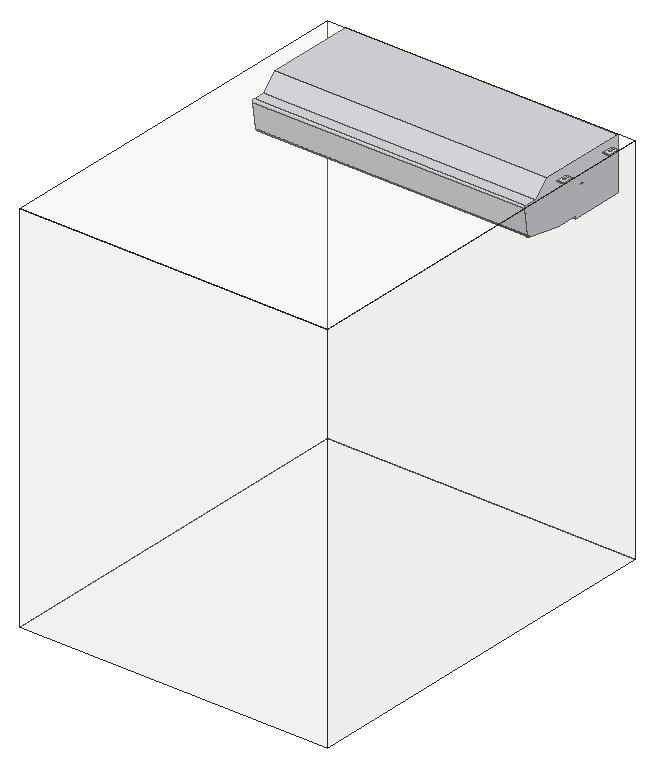
Revit family "pc-rp80_140ha17_50Hz", category 機械設備, Revit 2019
Family settings
  丸型コネクタ寸法 = 直径を使用
  パーツ タイプ = 標準
  OmniClass 番号 = 23.75.10.24.21.27.27
  OmniClass タイトル = Split System Air Conditioning Units
  作業面ベース = いいえ
  常に垂直 = はい
  ロード時にボイドで切り取り = いいえ
  共有 = いいえ
  部屋計算ポイント = はい
Parameters (values of type "厨房天吊_PC-RP140HA18")
  風量_強 (m3/min) = 38
  風量_弱 (m3/min) = 28
  風量 = MAX風量  # 2280.0 m³/h
  音響パワーレベル（弱）(dB) = 61
  音響パワーレベル(dB) = 68
  電源種別 = ""
  電源_H = 0 mm
  電圧_電気ヒーター = 0 V
  電圧 = 200 V
  電動機出力_送風機 = 0.16 kW
  運転質量 = 0.00 kg
  連動 = ""
  質量 = if(製品質量 > 運転質量, 製品質量, 運転質量) * 1.2  # 67.20 kg
  負荷分類 = 3_ファン類
  構成品番 = "PC-RP140HA18"
  冷媒液管位置 = 175 mm
  冷媒ガス管位置 = 197 mm
  ドレン管径 (外径) = 32 mm
  MIN風量 = [風量_弱 (m3/min)] * 60.0 m³/h  # 1680.0 m³/h
  MAX風量 = [風量_強 (m3/min)] * 60.0 m³/h  # 2280.0 m³/h
  サービススペース = yes
  ケーブルサイズ = 0 mm
  Version = ""
  URL = "https://www.mitsubishielectric.co.jp/ldg/wink/ssl/displayProduct.do?pid=323473"
  Line = not(Width = 1136 mm)  # yes
  説明 = "店舗・事務所用パッケージエアコン(Mr.SLIM) 厨房用(天吊形)"
  設計暖房能力 = 0.00 kW
  設計冷房能力_顕熱 = 0 kW
  設計冷房能力 = 0 kW
  設置方法 = "天井吊形"
  記号 = ""
  製造元 = "三菱電機株式会社"
  製品質量 = 56.00 kg
  製品出荷対象 = "国内"
  製品リリース年月 = "2022/10/11"
  製品グループ = ""
  系統 = ""
  符号 = "PAC_CRK"
  積算_科目 = "1 空気調和設備"
  積算_拾い区分 [instance] = ""
  相 = 1
  盤記号 = ""
  発停方法 = "付属スイッチ"
  特殊仕様 = ""
  火災停止 = ""
  消費電力_電気ヒーター = 0.00 kW
  消費電力_暖房 = 0.30 kW
  消費電力_加湿器 = 0.00 kW
  消費電力_冷房 = 0.30 kW
  消費電力 = if(消費電力_冷房 > 消費電力_暖房, 消費電力_冷房, 消費電力_暖房) + 消費電力_加湿器 + 消費電力_電気ヒーター  # 0.30 kW
  法定耐用年数 = "6"
  極数 = 1
  材質 = ""
  本体マテリアル = none
  有効加湿量 = 0
  暖房能力 = 14.00 kW
  推奨ブレーカー容量 = 0 A
  形式_加湿器 = ""
  形式 = "厨房用天井吊（露出）形"
  幹線記号 = ""
  始動方式 = "直入"
  呼称 = "室内機_厨房用天井吊（露出）形"
  周波数 = 50 Hz
  吊り位置Y = 320 mm
  吊り位置X = 1564 mm
  吊りボルト_H = 43 mm
  台数_手元リモコン = ""
  台数_冷媒分岐ユニット = ""
  参照している仕様書等のバージョン = "公共建築工事標準仕様書（機械設備工事編）平成31年度版"
  加湿給水管径 = 0.00 mm
  分類コード = "50053003123100"
  分類グループ = ""
  冷房能力 = 12.5 kW
  冷媒高低圧ガス管径 = 0.00 mm
  冷媒管径符号 = "Bd"
  冷媒管径 = 100.00 mm
  冷媒液管高さ = 165 mm
  冷媒液管径 = 9.52 mm
  冷媒ガス管高さ = 165 mm
  冷媒ガス管径 = 15.88 mm
  企業コード = "108420"
  付属品_フィルター = ""
  付属品 = ""
  仕様書バージョン = "Version1.0"
  Model = ""
  パネルマテリアル = none
  ドレン管高さ = 254 mm
  ドレン管径 = 25.00 mm
  コメント [instance] = ""
  ケーブル種類 = ""
  Width = 1520 mm
  Uniclass2015Version = "Systems v1.9"
  Uniclass2015Title = "Split coil remote air cooled condensing units"
  Uniclass2015Code = "Pr_70_65_03_84"
  SpecificationReference = ""
  SpecificationDescription = ""
  S_H = 295 mm
  Revision = ""
  ProductInformation = ""
  OmniClassCode = "23-33 17 13 11"
  IfcTypeProduct = ""
  IfcProduct = ""
  IfcExportType = "AIRCONDITIONINGUNIT"
  IfcExportAs = "IfcUnitaryEquipmentType"
  Height = 280 mm
  Depth = 650 mm
  価格 = 626000
  Clearance Top = 2 mm
  Clearance Right = 100 mm
  Clearance Left = 100 mm
  Clearance Front = 1500 mm
  Clearance Bottom = 1800 mm
  Clearance Back = 0 mm
  Author = "三菱電機株式会社"
Types (2, lengths in mm): name | 風量_強 (m3/min) | 風量_弱 (m3/min) | 風量 | 音響パワーレベル（弱）(dB) | 音響パワーレベル(dB) | 電動機出力_送風機 | 質量 | 構成品番 | MIN風量 | MAX風量 | URL | Line | 製品質量 | 消費電力_暖房 | 消費電力_冷房 | 消費電力 | 暖房能力 | 吊り位置X | 冷房能力 | Width | 価格
  厨房天吊_PC-RP140HA18 | 38 | 28 | 2280.0 m³/h | 61 | 68 | 0.16 kW | 67.20 kg | "PC-RP140HA18" | 1680.0 m³/h | 2280.0 m³/h | "https://www.mitsubishielectric.co.jp/ldg/wink/ssl/displayProduct.do?pid=323473" | yes | 56.00 kg | 0.30 kW | 0.30 kW | 0.30 kW | 14.00 kW | 1564 | 12.5 kW | 1520 | 626000
  厨房天吊_PC-RP80HA18 | 17 | 15 | 1020.0 m³/h | 55 | 57 | 0.04 kW | 50.40 kg | "PC-RP80HA18" | 900.0 m³/h | 1020.0 m³/h | "https://www.mitsubishielectric.co.jp/ldg/wink/ssl/displayProduct.do?pid=323472" | no | 42.00 kg | 0.13 kW | 0.13 kW | 0.13 kW | 8.00 kW | 1180 | 7.1 kW | 1136 | 508000
Reference planes
  plane 1 "中心(正面/背面)": y = 0
  plane 2: z = 0
  plane 3 "中心(左/右)": x = 0
  plane 4: x = 523
  plane 5: z = 3835
  plane 6: x = 438
  plane 7: z = 3835
  plane 8: x = 463
  plane 9: z = 3746
  plane 10: x = 860
  plane 11: x = 760
  plane 12: x = -860
  plane 13: x = -760
  plane 14: y = -650
  plane 15: z = -280
  plane 16: y = -2150
  plane 17: x = -782
  plane 18: x = 782
  plane 19: z = -2095
  plane 20: z = -295
  plane 21: x = 750.3
  plane 22: y = -80
  plane 23: y = -400
  plane 24: y = -325
  plane 25: y = -197
  plane 26: y = -175
  plane 27: y = -70
  plane 28: z = -43
  plane 29: z = -165
  plane 30: z = -254
  plane 31: x = 715
  plane 32: x = 630
  plane 33: x = 655
  plane 34: x = 463
  plane 35: z = 3746
  plane 36: z = 2
  plane 37: z = -95
  plane 38: z = -165
Forms (mm)
  Extrusion 1, solid
    sketch origin (0, -325, -4000) x (0, 1, 0) y (0, 0, 1)
      loop
        line (325, 4000) -> (-171.734, 4000) -> (-246.938, 3924.796) -> (-313.202, 3924.796)
        arc (-313.202, 3924.796) -> (-322.395, 3920.509) -> (-325.02, 3910.712) r 12
        line (-325.02, 3910.712) -> (-299.97, 3768.648)
        arc (-299.97, 3768.648) -> (-294.972, 3759.046) -> (-285.369, 3754.047) r 18
        line (-285.369, 3754.047) -> (-92.277, 3720) -> (35.069, 3720) -> (35.069, 3705) -> (325, 3705) -> (325, 4000)
    from -760 to 760
  Extrusion 2, solid, detail levels fine
    sketch origin (0, 0, 0) x (0, 0, -1) y (-1, 0, 0)
      loop
        circle (165.005, -715) r 7.94
    from -325 to -197
  Extrusion 3, solid, detail levels fine
    sketch origin (0, 0, 0) x (0, 0, -1) y (-1, 0, 0)
      loop
        circle (165.005, -630) r 4.76
    from -175 to -325
  Extrusion 4, solid, detail levels fine
    sketch origin (0, 0, 0) x (0, 0, -1) y (-1, 0, 0)
      loop
        circle (254.005, -655) r 16
    from -70 to -325
  Extrusion 5, solid, detail levels fine
    sketch origin (0, 0, -4000) x (1, 0, 0) y (0, 1, 0)
      loop
        line (760, -370) -> (760, -430) -> (804, -430) -> (804, -370) -> (787, -370) -> (787, -400)
        arc (787, -400) -> (782, -405) -> (777, -400) r 5
        line (777, -400) -> (777, -370) -> (760, -370)
    from 3954.5 to 3959.5
  Extrusion 6, solid, detail levels fine
    sketch origin (0, 320, -4000) x (1, 0, 0) y (0, 1, 0)
      loop
        line (760, -370) -> (760, -430) -> (804, -430) -> (804, -370) -> (787, -370) -> (787, -400)
        arc (787, -400) -> (782, -405) -> (777, -400) r 5
        line (777, -400) -> (777, -370) -> (760, -370)
    from 3954.5 to 3959.5
  Extrusion 7, solid, detail levels fine
    sketch origin (-1180, 0, -4000) x (1, 0, 0) y (0, 1, 0)
      loop
        line (376, -370) -> (376, -430) -> (420, -430) -> (420, -370) -> (403, -370) -> (403, -400)
        arc (403, -400) -> (398, -405) -> (393, -400) r 5
        line (393, -400) -> (393, -370) -> (376, -370)
    from 3954.5 to 3959.5
  Extrusion 8, solid, detail levels fine
    sketch origin (-1180, 320, -4000) x (1, 0, 0) y (0, 1, 0)
      loop
        line (376, -370) -> (376, -430) -> (420, -430) -> (420, -370) -> (403, -370) -> (403, -400)
        arc (403, -400) -> (398, -405) -> (393, -400) r 5
        line (393, -400) -> (393, -370) -> (376, -370)
    from 3954.5 to 3959.5
  Extrusion 9, solid, detail levels fine
    sketch origin (-3.482, 0, 0) x (1, 0, 0) y (0, 0, 1)
      loop
        circle (675.982, -165) r 50
    from 0 to 5
  Extrusion 10, solid, detail levels fine
    sketch origin (0, 160, 0) x (0, 0, -1) y (-1, 0, 0)
      loop
        circle (254.005, -655) r 16
    from -160 to -165
Lines and regions (mm)
  model lines, detail levels fine
    curve 1: line (-685, -647.647, -102.744) -> (-685, -628.546, -211.073)
    curve 2: line (685, -647.647, -102.744) -> (685, -628.546, -211.073)
    curve 3: line (-685, -647.647, -102.744) -> (685, -647.647, -102.744)
    curve 4: line (685, -628.546, -211.073) -> (-685, -628.546, -211.073)
Dimensions and locks
  equal spacing: plane 13, plane 3 "中心(左/右)", plane 11
  "Width": plane 13 to plane 11
  "Clearance Right": plane 11 to plane 10
  "Clearance Left": plane 12 to plane 13
  "Depth": plane 14 to plane 1 "中心(正面/背面)"
  "Height": level to plane 15
  "Clearance Front": plane 16 to plane 14
  equal spacing: plane 17, plane 3 "中心(左/右)", plane 18
  "吊り位置X": plane 17 to plane 18
  "S_H": level to plane 20
  locked: plane 21 to plane 11 at 9.7
  locked: plane 22 to plane 1 "中心(正面/背面)" at 80
  "吊り位置Y": plane 22 to plane 23
  plane 27 to plane 1 "中心(正面/背面)" = 70 mm
  "冷媒液管位置": plane 26 to plane 1 "中心(正面/背面)"  (x2)
  "冷媒ガス管位置": plane 25 to plane 1 "中心(正面/背面)"  (x2)
  plane 24 to plane 25 = 128 mm
  plane 24 to plane 26 = 150 mm
  "Clearance Bottom": plane 20 to plane 19
  "吊りボルト_H": level to plane 28
  level to plane 29 = 165 mm
  level to plane 30 = 254 mm
  plane 31 to plane 11 = 45 mm
  plane 32 to plane 31 = 85 mm
  plane 33 to plane 11 = 105 mm
  "Clearance Back": plane 1 "中心(正面/背面)" to nested 1
  equal spacing: plane 32, Extrusion 9 sketch curve, plane 31
  "Clearance Top": plane 36 to plane 2
  "冷媒ガス管高さ": plane 2 to plane 29
  "冷媒液管高さ": Extrusion 1 to plane 38
  "冷媒液管径": diameter of Extrusion 3 sketch curve
  "冷媒ガス管径": diameter of Extrusion 2 sketch curve
  "ドレン管径 (外径)": diameter of Extrusion 4 sketch curve
  "ドレン管径 (外径)": diameter of Extrusion 10 sketch curve
  aligned and locked: level to plane 2
  aligned and locked: plane 11 to Extrusion 1
  aligned and locked: plane 13 to Extrusion 1
  aligned and locked: plane 12 to nested 1
  aligned and locked: nested 1 to plane 10
  aligned and locked: plane 17 to nested 2
  aligned and locked: nested 2 to plane 18
  aligned and locked: plane 20 to Extrusion 1
  aligned and locked: plane 19 to nested 1
  aligned and locked: plane 21 to nested 3
  aligned and locked: nested 1 to plane 16
  aligned and locked: plane 22 to nested 2
  aligned and locked: plane 23 to nested 2
  aligned and locked: plane 1 "中心(正面/背面)" to nested 1
  aligned and locked: plane 36 to nested 1
Automatic sketch dimensions
  Extrusion 1 sketch curve to level = 0 mm
  Extrusion 1 sketch curve to plane 15 = 0 mm
  Extrusion 1 sketch curve to plane 20 = 0 mm
  Extrusion 1 sketch curve to plane 1 "中心(正面/背面)" = 0 mm
  plane 24 to Extrusion 1 sketch curve = 35.069 mm
  Extrusion 1 sketch curve to plane 23 = 17.277 mm
  Extrusion 1 sketch curve to plane 23 = 96.734 mm
  Extrusion 1 sketch curve to plane 28 = 32.204 mm
  plane 14 to Extrusion 1 sketch curve = 78.062 mm
  plane 14 to Extrusion 1 sketch curve = 42.756 mm
  plane 30 to Extrusion 1 sketch curve = 8.047 mm
  Extrusion 1 sketch curve to Extrusion 1 sketch curve = 3.126 mm
  Extrusion 1 sketch curve to Extrusion 1 sketch curve = 17.727 mm
  plane 14 to Extrusion 1 sketch curve = 11.798 mm
  Extrusion 1 sketch curve to plane 14 = 0.02 mm
  Extrusion 1 sketch curve to Extrusion 1 sketch curve = 14.601 mm
  Extrusion 1 sketch curve to Extrusion 1 sketch curve = 14.084 mm
  Extrusion 1 to curve 3 = 13.664 mm
  curve 2 to Extrusion 1 = 20.591 mm
  Extrusion 1 to curve 1 = 75 mm
  Extrusion 1 to curve 3 = 75 mm
  Extrusion 5 sketch curve to plane 11 = 0 mm
  Extrusion 5 sketch curve to plane 23 = 0 mm
  Extrusion 5 sketch curve to plane 18 = 0 mm
  Extrusion 5 sketch curve to Extrusion 5 sketch curve = 5 mm
  Extrusion 5 sketch curve to plane 18 = 22 mm
  Extrusion 5 sketch curve to plane 23 = 30 mm
  plane 23 to Extrusion 5 sketch curve = 30 mm
  Extrusion 5 sketch curve to Extrusion 5 sketch curve = 0 mm
  Extrusion 6 sketch curve to plane 11 = 0 mm
  Extrusion 6 sketch curve to plane 22 = 0 mm
  Extrusion 6 sketch curve to plane 18 = 0 mm
  Extrusion 6 sketch curve to Extrusion 6 sketch curve = 5 mm
  Extrusion 6 sketch curve to plane 18 = 22 mm
  Extrusion 6 sketch curve to plane 22 = 30 mm
  plane 27 to Extrusion 6 sketch curve = 20 mm
  Extrusion 6 sketch curve to Extrusion 6 sketch curve = 0 mm
  Extrusion 7 sketch curve to plane 23 = 0 mm
  Extrusion 7 sketch curve to plane 17 = 0 mm
  Extrusion 7 sketch curve to plane 13 = 0 mm
  Extrusion 7 sketch curve to plane 17 = 5 mm
  Extrusion 7 sketch curve to plane 17 = 22 mm
  Extrusion 7 sketch curve to plane 23 = 30 mm
  plane 23 to Extrusion 7 sketch curve = 30 mm
  Extrusion 7 sketch curve to Extrusion 7 sketch curve = 0 mm
  Extrusion 8 sketch curve to plane 22 = 0 mm
  Extrusion 8 sketch curve to plane 17 = 0 mm
  Extrusion 8 sketch curve to plane 13 = 0 mm
  Extrusion 8 sketch curve to plane 17 = 5 mm
  Extrusion 8 sketch curve to plane 17 = 22 mm
  Extrusion 8 sketch curve to plane 22 = 30 mm
  plane 27 to Extrusion 8 sketch curve = 20 mm
  Extrusion 8 sketch curve to Extrusion 8 sketch curve = 0 mm
  Extrusion 9 sketch curve to plane 29 = 0 mm
  Extrusion 1 to Extrusion 2 sketch curve = 45 mm
  Extrusion 2 sketch curve to Extrusion 1 = 129.995 mm
  Extrusion 3 sketch curve to Extrusion 1 = 129.995 mm
  Extrusion 1 to Extrusion 3 sketch curve = 130 mm
  Extrusion 4 sketch curve to Extrusion 1 = 40.995 mm
  Extrusion 1 to Extrusion 4 sketch curve = 105 mm
  plane 33 to Extrusion 10 sketch curve = 0 mm
  Extrusion 10 sketch curve to plane 30 = 0.005 mm
  radius of Extrusion 9 sketch curve = 50 mm
Nested families
  nested 1: "サービススペース" at (0, -1075, -1046.5), visible <- "サービススペース", type "サービススペース"
    with Width 1720 mm, Height 2097 mm, Depth 2150 mm
  nested 2: "固定点" at (-782, -400, 0), type "固定点"
    with W 1564 mm, D 320 mm
  nested 3: "吸込口" at (0, 0, -4000), Width <- "Width", type "吸込口"
    with Width 1520 mm, Line yes
Connectors
  piping at (672.5, 0, -165), diameter 100, driven by "冷媒管径", driven by "冷媒管径符号"
    settings: on Extrusion 9, index 1, connector inside diameter 609.60 mm, connector length 0 mm, flow factor 0, pipe flow 0.0 L/s, pressure drop 0.0 Pa, fitting loss kfactor 0, connector angle 0.00°, fixture units 0, engagement length 0 mm, angle of deflection 0.00°, flow configuration 1, flow direction 1, fitting loss method 4, system type 7, joint type 0, gender type 0, connector reference index -1, connector utility 0, adjustable connector no, is connector primary yes, connector description "Bd"
  piping at (655, 0, -254.005), diameter 32, driven by "ドレン管径 (外径)"
    settings: on Extrusion 10, index 2, connector inside diameter 609.60 mm, connector length 0 mm, flow factor 0, pipe flow 0.0 L/s, pressure drop 0.0 Pa, fitting loss kfactor 0, connector angle 0.00°, fixture units 0, engagement length 0 mm, angle of deflection 0.00°, flow configuration 1, flow direction 2, fitting loss method 4, system type 16, joint type 0, gender type 0, connector reference index -1, connector utility 0, adjustable connector no, is connector primary no, connector description ""
  electrical at (760, -417.216, -169.727), driven by "極数", driven by "負荷分類", driven by "電圧", driven by "消費電力"
    settings: on Extrusion 1, index 3, voltage 200 V, apparent load 300 VA, apparent load phase1 0 VA, apparent load phase2 0 VA, apparent load phase3 0 VA, power factor 1, load classification "3_ファン類", number of poles 1, system type 30, power factor state 1, is connector primary yes, connector utility no, sub classification motor no, connector description ""
Definition of nested family "サービススペース"
  Parameters (values of type "サービススペース")
    Width [instance] = 500 mm
    Height [instance] = 500 mm
    Depth [instance] = 500 mm
  Reference planes
    plane 1 "中心(正面/背面)": y = 0
    plane 2: z = 0
    plane 3 "中心(左/右)": x = 0
    plane 4: y = -250
    plane 5: x = 250
    plane 6: y = 250
    plane 7: x = -250
    plane 8: z = 250
    plane 9: z = -250
  Forms (mm)
    Extrusion 1, solid
      sketch origin (-638.939, 0, 72.39) x (1, 0, 0) y (0, 1, 0)
        loop
          line (388.939, 250) -> (388.939, -250) -> (888.939, -250) -> (888.939, 250) -> (388.939, 250)
      from -322.39 to 177.61
  Lines and regions (mm)
    symbolic lines
      curve 1: line (-250, 0, 250) -> (250, 0, 250)
      curve 2: line (-250, 0, -250) -> (-250, 0, 250)
      curve 3: line (250, 0, -250) -> (-250, 0, -250)
      curve 4: line (250, 0, 250) -> (250, 0, -250)
      curve 5: line (0, -250, 250) -> (0, 250, 250)
      curve 6: line (0, -250, -250) -> (0, -250, 250)
      curve 7: line (0, 250, -250) -> (0, -250, -250)
      curve 8: line (0, 250, 250) -> (0, 250, -250)
      curve 9: line (-250, 250, 0) -> (250, 250, 0)
      curve 10: line (-250, -250, 0) -> (-250, 250, 0)
      curve 11: line (250, -250, 0) -> (-250, -250, 0)
      curve 12: line (250, 250, 0) -> (250, -250, 0)
  Dimensions and locks
    equal spacing: plane 7, plane 3 "中心(左/右)", plane 5
    equal spacing: plane 4, plane 1 "中心(正面/背面)", plane 6
    "Depth": plane 4 to plane 6
    "Width": plane 7 to plane 5
    equal spacing: plane 8, plane 2, plane 9
    "Height": plane 8 to plane 9
    aligned and locked: plane 9 to curve 3
    aligned and locked: plane 7 to curve 2
    aligned and locked: curve 4 to plane 5
    aligned and locked: plane 5 to Extrusion 1
    aligned and locked: Extrusion 1 to plane 7
    aligned and locked: Extrusion 1 to plane 9
    aligned and locked: plane 8 to Extrusion 1
    aligned and locked: plane 9 to curve 7
  Automatic sketch dimensions
    plane 4 to Extrusion 1 sketch curve = 0 mm
    Extrusion 1 sketch curve to plane 7 = 0 mm
    Extrusion 1 sketch curve to plane 5 = 0 mm
    plane 6 to Extrusion 1 sketch curve = 0 mm
    curve 2 to plane 8 = 0 mm
    plane 4 to curve 11 = 0 mm
    curve 11 to plane 7 = 0 mm
    curve 11 to plane 5 = 0 mm
    plane 6 to curve 10 = 0 mm
    curve 7 to plane 4 = 0 mm
    curve 7 to plane 6 = 0 mm
    curve 6 to plane 8 = 0 mm
Definition of nested family "固定点"
  Parameters (values of type "固定点")
    中心円 = 20 mm
    W [instance] = 1000 mm
    D [instance] = 1000 mm
  Reference planes
    plane 1 "中心(正面/背面)": y = 0
    plane 2: z = 0
    plane 3 "中心(左/右)": x = 0
    plane 4: x = 1000
    plane 5: y = 1000
  Lines and regions (mm)
    symbolic lines, detail levels fine
      curve 1: circle (0, 1000, 0) r 10 normal (0, 0, 1)
      curve 2: circle (0, 0, 0) r 10 normal (0, 0, 1)
      curve 3: circle (1000, 1000, 0) r 10 normal (0, 0, 1)
      curve 4: circle (1000, 0, 0) r 10 normal (0, 0, 1)
      curve 5: line (-200, 1000, 0) -> (1200, 1000, 0)
      curve 6: line (-200, 0, 0) -> (1200, 0, 0)
      curve 7: line (0, 1200, 0) -> (0, -200, 0)
      curve 8: line (1000, 1200, 0) -> (1000, -200, 0)
  Dimensions and locks
    "W": plane 3 "中心(左/右)" to plane 4
    "D": plane 1 "中心(正面/背面)" to plane 5
    "中心円": diameter of curve 1
    "中心円": diameter of curve 2
    "中心円": diameter of curve 3
    "中心円": diameter of curve 4
    aligned and locked: level to plane 2
    aligned and locked: plane 5 to curve 1
    aligned and locked: plane 3 "中心(左/右)" to curve 1
    aligned and locked: plane 3 "中心(左/右)" to curve 2
    aligned and locked: plane 1 "中心(正面/背面)" to curve 2
    aligned and locked: plane 4 to curve 3
    aligned and locked: plane 5 to curve 3
    aligned and locked: plane 1 "中心(正面/背面)" to curve 4
    aligned and locked: plane 4 to curve 4
    aligned and locked: plane 1 "中心(正面/背面)" to curve 6
    aligned and locked: curve 7 to plane 3 "中心(左/右)"
    aligned and locked: curve 8 to plane 4
  Automatic sketch dimensions
    curve 5 to plane 5 = 0 mm
    curve 6 to plane 3 "中心(左/右)" = 200 mm
    curve 5 to plane 3 "中心(左/右)" = 200 mm
    curve 4 to curve 6 = 200 mm
    curve 3 to curve 5 = 200 mm
    plane 1 "中心(正面/背面)" to curve 8 = 200 mm
    plane 1 "中心(正面/背面)" to curve 7 = 200 mm
    curve 3 to curve 8 = 200 mm
    curve 1 to curve 7 = 200 mm
Definition of nested family "吸込口"
  Parameters (values of type "吸込口")
    Width [instance] = 1136 mm
    Line [instance] = not(Width = 1136 mm)  # no
  Reference planes
    plane 1 "Center (Front/Back)": y = 0
    plane 2: z = 0
    plane 3 "Center (Left/Right)": x = 0
  Lines and regions (mm)
    model lines, visible <- "Line", detail levels fine
      curve 1: line (-376.3, -289.931, 3705) -> (-376.3, 0, 3705)
      curve 12: line (-391.3, 0, 3705) -> (-391.3, -289.931, 3705)
      curve 13: line (-750.3, -274.931, 3705) -> (-750.3, -15, 3705)
      curve 14: line (-401.3, -15, 3705) -> (-401.3, -274.931, 3705)
      curve 15: line (-750.3, -15, 3705) -> (-401.3, -15, 3705)
      curve 16: line (-401.3, -274.931, 3705) -> (-750.3, -274.931, 3705)
      curve 17: line (-750.3, -54.429, 3705) -> (-595.903, -274.931, 3705)
      curve 18: line (-401.3, -55, 3705) -> (-555.297, -274.931, 3705)
      curve 19: line (-750.3, -235.571, 3705) -> (-595.854, -15, 3705)
      curve 20: line (-401.3, -235, 3705) -> (-555.346, -15, 3705)
      curve 21: line (-750.3, -274.931, 3705) -> (-750.3, -15, 3705)
      curve 40: line (750.3, -274.931, 3705) -> (750.3, -15, 3705)
    model lines, detail levels fine
      curve 2: line (-7.7, 0, 3705) -> (-7.7, -289.931, 3705)
      curve 3: line (-366.3, -274.931, 3705) -> (-366.3, -15, 3705)
      curve 4: line (-17.7, -15, 3705) -> (-17.7, -274.931, 3705)
      curve 5: line (-366.3, -15, 3705) -> (-17.7, -15, 3705)
      curve 6: line (-17.7, -274.931, 3705) -> (-366.3, -274.931, 3705)
      curve 7: line (-366.3, -55, 3705) -> (-212.303, -274.931, 3705)
      curve 8: line (-17.7, -55, 3705) -> (-171.697, -274.931, 3705)
      curve 9: line (-366.3, -235, 3705) -> (-212.254, -15, 3705)
      curve 10: line (-17.7, -235, 3705) -> (-171.746, -15, 3705)
      curve 11: line (7.3, -289.931, 3705) -> (7.3, 0, 3705)
      curve 22: line (376.3, -289.931, 3705) -> (376.3, 0, 3705)
      curve 23: line (366.3, -274.931, 3705) -> (366.3, -15, 3705)
      curve 24: line (17.7, -15, 3705) -> (17.7, -274.931, 3705)
      curve 25: line (366.3, -15, 3705) -> (17.7, -15, 3705)
      curve 26: line (17.7, -274.931, 3705) -> (366.3, -274.931, 3705)
      curve 27: line (366.3, -55, 3705) -> (212.303, -274.931, 3705)
      curve 28: line (17.7, -55, 3705) -> (171.697, -274.931, 3705)
      curve 29: line (366.3, -235, 3705) -> (212.254, -15, 3705)
      curve 30: line (17.7, -235, 3705) -> (171.746, -15, 3705)
      curve 31: line (391.3, 0, 3705) -> (391.3, -289.931, 3705)
      curve 32: line (750.3, -274.931, 3705) -> (750.3, -15, 3705)
      curve 33: line (401.3, -15, 3705) -> (401.3, -274.931, 3705)
      curve 34: line (750.3, -15, 3705) -> (401.3, -15, 3705)
      curve 35: line (401.3, -274.931, 3705) -> (750.3, -274.931, 3705)
      curve 36: line (750.3, -54.429, 3705) -> (595.903, -274.931, 3705)
      curve 37: line (401.3, -55, 3705) -> (555.297, -274.931, 3705)
      curve 38: line (750.3, -235.571, 3705) -> (595.854, -15, 3705)
      curve 39: line (401.3, -235, 3705) -> (555.346, -15, 3705)
  Dimensions and locks
    aligned and locked: level to plane 2
